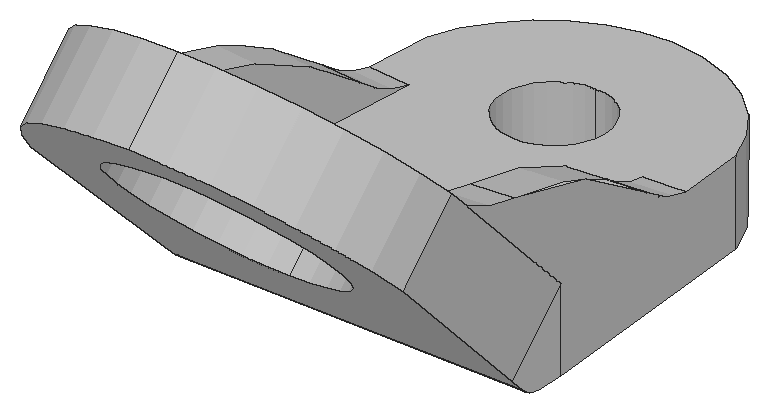
Revit family "Wing", category Specialty Equipment, host Face, Revit 2018
Family settings
  Host = Face
  Round Connector Dimension = Use Diameter
  Part Type = Normal
  Cut with Voids When Loaded = No
  Shared = Yes
  Room Calculation Point = No
Parameters
  URL = "https://www.rothoblaas.it/prodotti/sistemi-anticaduta/punti-di-ancoraggio/wing"
  Product Type = "WING"
  Model = "WING"
  Material_RothoBlaas = Acciaio INOX
  Manufacturer = "Rotho Blaas srl"
  Field of Use = ""
  Family Version = "1.0.0"
  Default Elevation = 1219.200 mm
  Catalogue Section = "Single Points"
  Catalogue = "Fall protection and safety"
Reference planes
  plane 1 "Center (Front/Back)": y = 0
  plane 2: z = 0
  plane 3 "Center (Left/Right)": x = 0
  plane 4 "Base_Vuoto": through (45.619, 0, 3.643) normal (-0.7071, 0, 0.7071)
  plane 5 "Asse": through (71.366, 0, 29.39) normal (-0.7071, 0, -0.7071)
  plane 6 "Aletta": through (0, -29.312, 14) normal (0, 0.9966, 0.0823)
Forms (mm)
  Extrusion 1, solid, material "Acciaio INOX" <- "Material_RothoBlaas"
    sketch origin (0, 0, 0) x (0, -1, 0) y (1, 0, 0)
      loop
        arc (-6.024, 25.88) -> (-19.606, 15.985) -> (-24.792, 0) r 27.228
        arc (-24.792, 0) -> (-19.507, -16.121) -> (-5.702, -25.983) r 27.228
        line (-5.702, -25.983) -> (35.262, -29.312) -> (35.262, 29.312) -> (-6.024, 25.88)
      loop
        circle (0, 0) r 8.679
    from 0 to 14
  Extrusion 2, solid, material "Acciaio INOX" <- "Material_RothoBlaas"
    sketch origin (0, -20.988, -20.988) x (0, 0.707107, -0.707107) y (-1, 0, 0)
      loop
        circle (-68.182, 0) r 18.65
      loop
        line (-71.103, -31.429) -> (-34.833, -29.312) -> (-34.833, 29.312) -> (-71.103, 31.429)
        arc (-71.103, 31.429) -> (-89.887, 20.379) -> (-97.609, 0) r 32.821
        arc (-97.609, 0) -> (-89.887, -20.379) -> (-71.103, -31.429) r 32.821
    from 0 to 14.648
  Sweep 3, solid, material "Acciaio INOX" <- "Material_RothoBlaas"
    path origin (0, 0, 0) x (0, -1, 0) y (1, 0, 0)
      loop
        line (35.262, 29.312) -> (35.262, -29.312)
    profile origin (0, -35.262, 0) x (0, -1, 0) y (0, 0, 1)
      loop
        line (0, 14) -> (0, 0) -> (4.644, 0)
        arc (4.644, 0) -> (6.557, 0.381) -> (8.179, 1.464) r 5
        line (8.179, 1.464) -> (10.357, 3.643) -> (0, 14)
  Sweep 4, solid, material "Acciaio INOX" <- "Material_RothoBlaas"
    path origin (0, 0, 0) x (0, -1, 0) y (1, 0, 0)
      loop
        line (35.262, 25.854) -> (35.262, -24.146)
    profile origin (0.854, -35.262, 0) x (0, -1, 0) y (0, 0, 1)
      loop
        line (-7.368, 14) -> (0, 14) -> (2.746, 16.746)
        arc (2.746, 16.746) -> (-2.128, 14.699) -> (-7.368, 14) r 20
  Revolve 5, void
    sketch origin (4.785, -46.864, -37.889) x (0.080996, 0.704784, -0.704784) y (0, 0.707107, 0.707107)
      loop
        line (-76.269, 35.531) -> (-75.741, 45.927) -> (-85.048, 45.097)
        arc (-85.048, 45.097) -> (-78.655, 42.153) -> (-76.269, 35.531) r 9.11
      axis (-61.792, 35.531) -> (-61.792, 45.927)
    angle from 0 to 360
  Extrusion 6, solid, material "Acciaio INOX" <- "Material_RothoBlaas"
    sketch origin (-26.223, 2.165, 0) x (-0.082268, -0.99661, 0) y (0, 0, 1)
      loop
        line (7.584, 14) -> (37.553, 14) -> (59.746, 36.117)
        arc (59.746, 36.117) -> (54.253, 33.559) -> (48.384, 32.053) r 32.846
        arc (48.384, 32.053) -> (31.647, 27.107) -> (16.719, 18.067) r 68.058
        arc (16.719, 18.067) -> (12.418, 15.434) -> (7.584, 14) r 19.376
    from -7 to 0
  Extrusion 7, solid, material "Acciaio INOX" <- "Material_RothoBlaas"
    sketch origin (26.223, 2.165, 0) x (0.082268, -0.99661, 0) y (0, 0, -1)
      loop
        arc (7.584, -14) -> (12.418, -15.434) -> (16.719, -18.067) r 19.376
        arc (16.719, -18.067) -> (31.647, -27.107) -> (48.384, -32.053) r 68.058
        arc (48.384, -32.053) -> (54.253, -33.559) -> (59.746, -36.117) r 32.846
        line (59.746, -36.117) -> (37.553, -14) -> (7.584, -14)
    from -7 to 0
Cuts and joins
  Revolve 5 cuts Extrusion 2
  joined: Extrusion 1, Extrusion 2, Sweep 3, Sweep 4, Extrusion 6, Extrusion 7
Dimensions and locks
  aligned and locked: plane 2 to host face
  aligned and locked: level to host face
